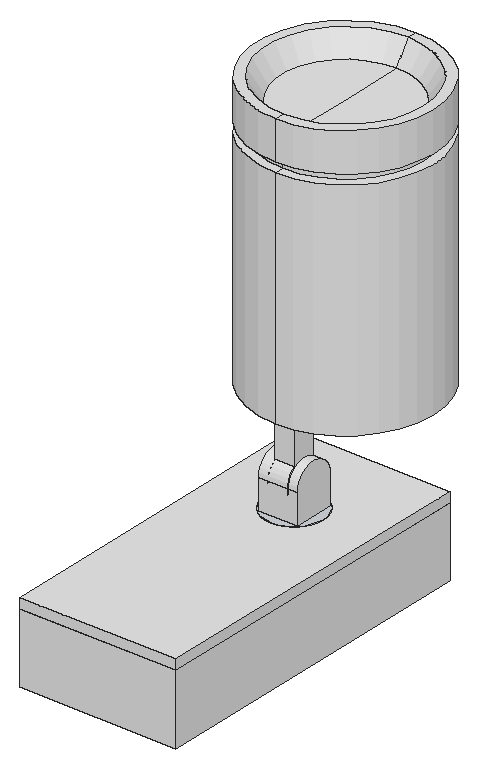
Revit family "63_PHILIPS_StyliD_Evo_CompactPlus_Dali_ST770T_3D", category Lighting Fixtures, host Face, Revit 2016
Family settings
  Host = Face
  Part Type = Normal
  Round Connector Dimension = Use Diameter
  Cut with Voids When Loaded = No
  Light Source = No
  Shared = No
  Room Calculation Point = No
Parameters (values of type "Type catalog")
  Voltage (V) = ""
  Visibility 2D symbol [instance] = not(Visibility 2D outline)  # yes
  Visibility 2D outline [instance] = no
  Visibility 2D driver [instance] = no
  Rotation XZ = 0.00°
  Rotation XY = 90.00°
  Product catalog - URL = "PRODUCT URL"
  Order code = "ORDER CODE"
  Offset = 1 mm
  Length = 146 mm
  Last IES update = "DATE"
  Height = 275 mm
  Fixture code = "FIXTURE CODE"
  ETIM code URL = "https://prod.etim-international.com/Class/Details?classId=EC001744&classVersion=7"
  ETIM code = "EC001744"
  EOC = "EOC CODE"
  Diameter = 90 mm
  Content version = "1.0"
  Content modified date = "DATE"
  Content creation date = "28-03-2019"
  Constraint XZ = if(Rotation XZ < 0.00°, 0.00°, if(Rotation XZ > 355.00°, 355.00°, Rotation XZ))  # 0.00°
  Constraint XY = if(Rotation XY < 15.00°, 15.00°, if(Rotation XY > 140.00°, 140.00°, Rotation XY))  # 90.00°
  Connector width = 80 mm
  Wattage Comments = ""
  URL = "http://www.lighting.philips.com/home"
  Type Comments = "Track Mount"
  Model = "ST770T"
  Manufacturer = "Philips"
  Light loss factor = ""
  Lamp = ""
  Initial luminous flux (lm) = ""
  Init. Corr. Color Temperature (K) = ""
  Description = "StyliD Evo"
  Default Elevation = 0 mm
  Content Creator = "https://www.cadac.com/bimcontent"
  Connector height = 54 mm
  Conector length = 190 mm
  BIM Library - URL = "http://www.lighting.philips.com/main/support/support/revit-library#page=1"
  Assembly Code = ""
  Armatuurcode [instance] = ""
  Apparent Load = 0 VA
  12NC = "12NC CODE"
Reference planes
  plane 1 "Center (Front/Back)": y = 0
  plane 2: z = 0
  plane 3 "Center (Left/Right)": x = 0
  plane 4 "Cadac Group AEC": y = 15
  plane 5: z = 191
  plane 6: z = -53
  plane 7: z = 1
  plane 8: x = -40
  plane 9: y = -175
  plane 10: y = -49.5
  plane 11: x = 40
  plane 12: z = 125.635
  plane 13: z = 42
Lines and regions (mm)
  reference lines
    curve 1: line (0, -49.5, 42) -> (0, -230.226, 42)
Dimensions and locks
  "Connector height": plane 6 to plane 7
  equal spacing: plane 8, plane 3 "Center (Left/Right)", plane 11
  "Connector width": plane 8 to plane 11
  "Offset": plane 2 to plane 7
  "Conector length": plane 7 to plane 5
  plane 9 to plane 1 "Center (Front/Back)" = 175 mm
  locked: plane 10 to curve 1 at 0
  locked: plane 3 "Center (Left/Right)" to curve 1
  "Constraint XZ": angle curve 1 to plane 3 "Center (Left/Right)"
  aligned and locked: plane 2 to host face
  aligned and locked: level to host face
Automatic sketch dimensions
  host sketch curve to host sketch curve = 727.065 mm
  host sketch curve to host sketch curve = 619.519 mm
Nested families
  nested 1: "63_PHILIPS_Trackmount_Evo Performance Dali ST780T 3D" at (0, -80, 1), type "geometry"
  nested 2: "63_PHILIPS_Spot_StyliD" at (0, -49.5, 42) x (0, -1, 0) z (0, 0, -1), rotation angle ZX <- "Constraint XY", type "Spot"
    with rotation angle ZX 90.00°, height spot 140 mm
  nested 3: "2D-PL-Rechthoekig" at (0, -80, 0) x (0, 1, 0) z (0, 0, 1), Width <- "Connector width", lengte <- "Conector length", visible <- "Visibility 2D outline", type "2D symbool"
    with lengte 190 mm, Width 80 mm
  nested 4: "2D-PL-Rond + symbool + peil" at (0, -16.5, 0) x (-1, 0, 0) z (0, 0, 1), Diameters <- "Diameter", Rotation XY <- "Constraint XZ", visible <- "Visibility 2D symbol", type "2D symbool"
    with radius 45 mm, Rotation XY 0.00°, Diameters 90 mm
  nested 5: "2D-PL-peil" at (0, -16.5, 0) x (0, 1, 0) z (0, 0, 1), type "2D symbool"
  nested 6: "2D-PL-Driver" at (0, -13, 0), visible <- "Visibility 2D driver", type "2D symbool"
Connectors
  electrical at (0, -87.5, 1), driven by "Apparent Load"
    settings: on nested 1, index 1, voltage 0 V, apparent load 0 VA, apparent load phase1 0 VA, apparent load phase2 0 VA, apparent load phase3 0 VA, power factor 1, load classification "Other", number of poles 1, system type 31, power factor state 1, is connector primary yes, connector utility no, sub classification motor no, connector description ""
Definition of nested family "63_PHILIPS_Trackmount_Evo Performance Dali ST780T 3D"
  Parameters (values of type "geometry")
    width = 80 mm
    light source = 2 mm
    length = 190 mm
    height = 36 mm
    algemeen_leverancier = ""
    algemeen_code = ""
    algemeen_URL = ""
    Type Comments = ""
    Model = ""
    Manufacturer = "Philips"
    Diameter pole = 30 mm
    Lamp = ""
    Description = ""
  Reference planes
    plane 1 "Center (Front/Back)": y = 0
    plane 2: z = 41
    plane 3 "Center (Left/Right)": x = 0
    plane 4 "Blend 4": z = 0
    plane 5: x = -40
    plane 6: x = 40
    plane 7: y = 95
    plane 8: y = -95
    plane 9: z = 36
    plane 10: z = 10
    plane 11: x = -32.5
    plane 12: x = 32.5
  Forms (mm)
    Extrusion 1, solid
      sketch origin (0, 0, -197) x (0, 1, 0) y (-1, 0, 0)
        loop
          line (-95, 40) -> (-95, -40) -> (80, -40) -> (80, 40) -> (-95, 40)
      from 238 to 233
    Extrusion 2, solid
      sketch origin (0, 0, 36) x (0, 1, 0) y (-1, 0, 0)
        loop
          line (80, 40) -> (-95, 40) -> (-95, -40) -> (80, -40) -> (80, 40)
      from 0 to -36
    Extrusion 3, void
      sketch origin (0, 0, 0) x (1, 0, 0) y (0, 1, 0)
        loop
          circle (0, 30.5) r 15
      from 36 to 41
    Extrusion 4, solid
      sketch origin (0, 0, 0) x (1, 0, 0) y (0, 1, 0)
        loop
          line (-12.5, 85) -> (-12.5, 10)
          arc (-12.5, 10) -> (0, 0) -> (12.5, 10) r 12.813
          line (12.5, 10) -> (12.5, 85)
          arc (12.5, 85) -> (0, 95) -> (-12.5, 85) r 12.813
      from 0 to -30
    Extrusion 5, void
      sketch origin (0, 0, 0) x (0, 1, 0) y (0, 0, 1)
        loop
          line (0, -10) -> (0, -30) -> (95, -30) -> (95, -10) -> (0, -10)
      from 12.5 to 5
    Extrusion 6, void
      sketch origin (0, 0, -1.656) x (0, 1, 0) y (0, 0, -1)
        loop
          line (0, 8.344) -> (95, 8.344) -> (95, 28.344) -> (0, 28.344) -> (0, 8.344)
      from 12.5 to 5
  Cuts and joins
    Extrusion 3 cuts Extrusion 1
    Extrusion 3, Extrusion 5, Extrusion 6 cuts Extrusion 2
    Extrusion 5, Extrusion 6 cuts Extrusion 4
  Dimensions and locks
    "height": plane 9 to level
    equal spacing: plane 7, plane 1 "Center (Front/Back)", plane 8
    "length": plane 7 to plane 8
    equal spacing: plane 5, plane 3 "Center (Left/Right)", plane 6
    "width": plane 5 to plane 6
    locked: plane 2 to plane 9 at 5
    locked: plane 5 to plane 11 at 7.5
    locked: plane 12 to plane 6 at 7.5
    aligned and locked: plane 8 to Extrusion 1 sketch curve
    aligned and locked: plane 5 to Extrusion 1 sketch curve
    aligned and locked: Extrusion 1 sketch curve to plane 6
    aligned and locked: plane 9 to Extrusion 2
    aligned and locked: plane 9 to Extrusion 3
    aligned and locked: Extrusion 3 to plane 2
    aligned and locked: Extrusion 2 to level
    aligned and locked: plane 9 to cut or joined group of Extrusion 1, Extrusion 3
    aligned and locked: cut or joined group of Extrusion 1, Extrusion 3 to plane 2
  Automatic sketch dimensions
    plane 7 to Extrusion 1 sketch curve = 15 mm
    Extrusion 2 sketch curve to Extrusion 1 = 0 mm  (x4)
    Extrusion 3 sketch curve to plane 3 "Center (Left/Right)" = 0 mm
    Extrusion 3 sketch curve to plane 1 "Center (Front/Back)" = 30.5 mm
    Extrusion 4 sketch curve to plane 3 "Center (Left/Right)" = 0 mm  (x2)
    Extrusion 4 sketch curve to plane 3 "Center (Left/Right)" = 12.5 mm
    plane 7 to Extrusion 4 sketch curve = 10 mm
    plane 3 "Center (Left/Right)" to Extrusion 4 sketch curve = 12.5 mm
    plane 7 to Extrusion 4 sketch curve = 12.812 mm
    Extrusion 4 sketch curve to plane 1 "Center (Front/Back)" = 12.813 mm
    Extrusion 4 sketch curve to plane 1 "Center (Front/Back)" = 10 mm
    Extrusion 5 sketch curve to plane 1 "Center (Front/Back)" = 0 mm
    Extrusion 5 sketch curve to plane 7 = 0 mm
    Extrusion 5 sketch curve to level = 10 mm
    Extrusion 5 sketch curve to level = 30 mm
    Extrusion 6 sketch curve to plane 1 "Center (Front/Back)" = 0 mm
    Extrusion 6 sketch curve to plane 7 = 0 mm
    Extrusion 6 sketch curve to level = 10 mm
    Extrusion 6 sketch curve to level = 30 mm
    radius of Extrusion 3 sketch curve = 15 mm
Definition of nested family "63_PHILIPS_Spot_StyliD"
  Parameters (values of type "Spot")
    spot offset = 30 mm
    rotation angle ZX [instance] = 90.00°
    height spot top = 55 mm
    height spot middle = 10 mm
    height spot = 125 mm
    Radius = 45 mm
    ceiling thickness = 12.5 mm
    Wattage Comments = ""
    URL = "http://www.ecat.lighting.philips.com/l"
    Type Comments = "surface mounted"
    Model = "XXX RS530B"
    Manufacturer = "Philips"
    Description = "XXX LuxSpace"
    Default Elevation = 2800 mm
    Assembly Code = ""
  Reference planes
    plane 1 "Center (Front/Back)": y = 0
    plane 2: z = 0
    plane 3 "Center (Left/Right)": x = 0
    plane 4 "Cadac Group AEC": y = 0
    plane 5: z = 12.5
    plane 6: z = 12.5
    plane 7: z = -14
    plane 8: z = -50
  Forms (mm)
    Extrusion 1, solid
      sketch origin (0, 0, 0) x (1, 0, 0) y (0, 1, 0)
        loop
          line (-350, 290) -> (-350, -329.519) -> (377.065, -329.519) -> (377.065, 290) -> (-350, 290)
      from 0 to 12.5 <- "ceiling thickness"
    Revolve 2, solid
      sketch origin (0, 0, -14) x (0, 0, -1) y (1, 0, 0)
        loop
          line (30, -33) -> (143.915, -33) -> (143.915, 0) -> (155, 7) -> (155, 12) -> (135, 12) -> (135, 7) -> (130, 7) -> (130, 12) -> (30, 12) -> (30, -33)
        axis (30, -33) -> (155, -33)
      angle from 0 to 360
    Extrusion 3, solid
      sketch origin (0, 0, -55) x (0, 0, -1) y (1, 0, 0)
        loop
          line (-11, -6) -> (-11, 6) -> (-31.642, 6)
          arc (-31.642, 6) -> (-50.288, 0) -> (-31.642, -6) r 10.288
          line (-31.642, -6) -> (-11, -6)
      from -5 to 5
    Extrusion 4, solid
      sketch origin (0, 0, -11) x (-1, 0, 0) y (0, 0, -1)
        loop
          line (-10.381, -11) -> (10.381, -11) -> (10.381, 4)
          arc (10.381, 4) -> (0, 14.381) -> (-10.381, 4) r 10.381
          line (-10.381, 4) -> (-10.381, -11)
      from 10 to -10
    Extrusion 5, solid
      sketch origin (0, 0, 0) x (1, 0, 0) y (0, 1, 0)
        loop
          circle (0, 0) r 15
      from 0 to 5
  Lines and regions (mm)
    reference lines
      curve 1: line (0, 0, -14) -> (0, 0, -144)
      curve 2: line (0, 0, -14) -> (-108, 0, -14)
      curve 3: line (12, 0, -169) -> (-108, 0, -169)
      curve 4: line (-108, 0, -169) -> (-108, 0, -14)
      curve 5: line (12, 0, -44) -> (-108, 0, -44)
      curve 6: line (12, 0, -14) -> (12, 0, -169)
      curve 7: line (-48, 0, -169) -> (-48, 0, -14)
  Dimensions and locks
    "spot offset": curve 2 to curve 5
    curve 1 to curve 6 = 12 mm
    plane 8 to Extrusion 1 = 50 mm
    curve 3 to Revolve 2 sketch curve = 11.085 mm
    Revolve 2 sketch curve to curve 6 = 5 mm
    Revolve 2 sketch curve to Revolve 2 sketch curve = 20 mm
    Revolve 2 sketch curve to Revolve 2 sketch curve = 12 mm
    Revolve 2 sketch curve to Revolve 2 sketch curve = 5 mm
    "height spot": Revolve 2 sketch curve to Revolve 2 sketch curve
    "height spot": curve 3 to curve 5
    "Radius": Revolve 2 sketch curve to Revolve 2 sketch curve
    "rotation angle ZX": angle curve 1 to plane 7
    aligned and locked: plane 2 to Extrusion 1
    aligned and locked: level to Extrusion 1
    aligned and locked: plane 4 "Cadac Group AEC" to plane 1 "Center (Front/Back)"
    aligned and locked: plane 3 "Center (Left/Right)" to curve 1
    aligned and locked: Revolve 2 sketch curve to Revolve 2 sketch curve
    aligned and locked: Revolve 2 sketch curve to curve 3
    aligned and locked: Revolve 2 sketch curve to curve 6  (x2)
  Automatic sketch dimensions
    Extrusion 1 sketch curve to Extrusion 1 sketch curve = 727.065 mm
    Extrusion 1 sketch curve to Extrusion 1 sketch curve = 619.519 mm
    Extrusion 4 sketch curve to level = 0 mm
    plane 7 to Extrusion 4 sketch curve = 1 mm
    Extrusion 4 sketch curve to plane 3 "Center (Left/Right)" = 0 mm
    plane 3 "Center (Left/Right)" to Extrusion 4 sketch curve = 10.381 mm
    plane 1 "Center (Front/Back)" to Extrusion 5 sketch curve = 0 mm
    Extrusion 5 sketch curve to plane 3 "Center (Left/Right)" = 0 mm
    curve 1 to Extrusion 3 sketch curve = 0 mm
    curve 1 to Extrusion 3 sketch curve = 9.358 mm  (x2)
    curve 1 to Extrusion 3 sketch curve = 6 mm
    curve 1 to Extrusion 3 sketch curve = 1 mm
    Extrusion 3 sketch curve to Extrusion 3 sketch curve = 20.642 mm
    curve 1 to plane 7 = 0 mm
    curve 2 to curve 1 = 0 mm  (x2)
    curve 6 to curve 1 = 0 mm
    curve 2 to curve 1 = 108 mm
    curve 7 to curve 1 = 48 mm
    Revolve 2 sketch curve to curve 1 = 0 mm
    Revolve 2 sketch curve to Revolve 2 sketch curve = 5 mm
    Revolve 2 sketch curve to Revolve 2 sketch curve = 12.347 mm
    radius of Extrusion 5 sketch curve = 15 mm
  Connectors
    electrical at (0, 0, 0)
      settings: index 1, voltage 230 V, apparent load 0 VA, apparent load phase1 18 VA, apparent load phase2 0 VA, apparent load phase3 0 VA, power factor 1, load classification none, number of poles 1, system type 31, power factor state 1, is connector primary yes, connector utility no, sub classification motor no, connector description ""
Definition of nested family "2D-PL-Rechthoekig"
  Parameters (values of type "2D symbool")
    lengte [instance] = 1200 mm
    Width [instance] = 100 mm
    Type Comments = "GEEN CALCULATIEOBJECT"
    Manufacturer = ""
    Description = "Armatuur 2D symbool"
    Copyright © Cadac = "www.cadac.com/aec"
    Cadac content versie = ""
    Assembly Code = ""
  Reference planes
    plane 1 "Center (Front/Back)": y = 0
    plane 2: z = 0
    plane 3 "Center (Left/Right)": x = 0
    plane 4: y = 150
    plane 5: y = -150
    plane 6: y = 176.777
    plane 7: x = -176.777
    plane 8: x = 176.777
    plane 9: y = -176.777
    plane 10 "Cadac Group AEC": y = 0
    plane 11: y = 400
    plane 12: y = -191.421
    plane 13: y = -206.066
    plane 14: y = -220.711
    plane 15: y = -235.355
  Lines and regions (mm)
    symbolic lines
      curve 1: line (600, 50, 0) -> (600, -50, 0)
      curve 2: line (-600, 50, 0) -> (-600, -50, 0)
      curve 3: line (-600, 50, 0) -> (600, 50, 0)
      curve 4: line (-600, -50, 0) -> (600, -50, 0)
  Dimensions and locks
    equal spacing: curve 2, plane 3 "Center (Left/Right)", curve 1
    "lengte": curve 2 to curve 1
    equal spacing: plane 5, plane 1 "Center (Front/Back)", plane 4
    locked: plane 4 to plane 5 at 300
    equal spacing: curve 4, plane 1 "Center (Front/Back)", curve 3
    "Width": curve 4 to curve 3
    locked: plane 7 to plane 8 at 353.553
    locked: plane 6 to plane 9 at 353.553
    equal spacing: plane 7, plane 3 "Center (Left/Right)", plane 8
    equal spacing: plane 6, plane 1 "Center (Front/Back)", plane 9
    locked: plane 1 "Center (Front/Back)" to plane 11 at 400
    equal spacing: plane 9, plane 12, plane 13, plane 14, plane 15
    locked: plane 9 to plane 15 at 58.579
    aligned and locked: plane 10 "Cadac Group AEC" to plane 1 "Center (Front/Back)"
Definition of nested family "2D-PL-Rond + symbool + peil"
  Parameters (values of type "2D symbool")
    radius [instance] = Diameters / 2  # 125 mm
    Visibility 2D symbol = yes
    Rotation XY [instance] = 70.00°
    Diameters [instance] = 250 mm
    Description = "Armatuur symbool"
    Copyright © Cadac = "www.cadac.com/aec"
    Cadac content versie = ""
    Assembly Code = ""
  Reference planes
    plane 1 "Center (Front/Back)": y = 0
    plane 2: z = 0
    plane 3 "Center (Left/Right)": x = 0
  Lines and regions (mm)
    symbolic lines
      curve 1: circle (0, 0, 0) r 125 normal (0, 0, 1)
    reference lines
      curve 2: line (0, 0, 0) -> (314.797, 114.577, 0)
  Dimensions and locks
    locked: plane 3 "Center (Left/Right)" to nested 2 at 0
    "Diameters": diameter of curve 1
    "Rotation XY": angle curve 2 to plane 3 "Center (Left/Right)"
    aligned and locked: plane 3 "Center (Left/Right)" to curve 2
    aligned and locked: plane 1 "Center (Front/Back)" to curve 2
    aligned and locked: nested 2 to curve 2
  Automatic sketch dimensions
    plane 1 "Center (Front/Back)" to curve 1 = 0 mm
    curve 1 to plane 3 "Center (Left/Right)" = 0 mm
  Nested families
    nested 1: "PL-opbouwarmatuur plafond rond" at (0, 0, 0), radius cirkel <- "radius", visible <- "Visibility 2D symbol", type "PL lichtpunt"
      with radius cirkel 125 mm, lengte symbool 162.5 mm, l1 140 mm, breedte symbool 150 mm, b1 52.5 mm, Diameters 250 mm
    nested 2: "2D-PL-peil" at (0, 0, 0) x (-0.9397, -0.342, 0) z (0, 0, 1), visible <- "Visibility 2D symbol", type "2D symbool"
  Definition of nested family "PL-opbouwarmatuur plafond rond"
    Parameters (values of type "PL lichtpunt")
      radius cirkel [instance] = 200 mm
      lengte symbool [instance] = 162.5 mm
      l1 [instance] = 140 mm
      breedte symbool [instance] = radius cirkel + 25 mm  # 225 mm
      b1 [instance] = 52.5 mm
      Diameters = 74 mm
      Description = "PL lichtpunt"
      Copyright © Cadac = "www.cadac.com/aec"
      Cadac content versie = "4.0"  # constant formula
      Assembly Code = ""
    Reference planes
      plane 1 "Center (Front/Back)": y = 0
      plane 2: z = 0
      plane 3 "Center (Left/Right)": x = 0
      plane 4: y = 112.5
      plane 5: y = -112.5
    Lines and regions (mm)
      symbolic lines
        curve 1: circle (0, 0, 0) r 200 normal (0, 0, 1)
        curve 2: line (-165.359, 112.5, 0) -> (165.359, -112.5, 0)
        curve 3: line (-165.359, -112.5, 0) -> (165.359, 112.5, 0)
    Dimensions and locks
      equal spacing: plane 4, plane 1 "Center (Front/Back)", plane 5
      "breedte symbool": plane 4 to plane 5
      "radius cirkel": radius of curve 1
      aligned and locked: plane 4 to curve 2
      aligned and locked: plane 4 to curve 3
      aligned and locked: plane 5 to curve 3
      aligned and locked: plane 5 to curve 2
    Automatic sketch dimensions
      plane 1 "Center (Front/Back)" to curve 1 = 0 mm
      curve 1 to plane 3 "Center (Left/Right)" = 0 mm
  Definition of nested family "2D-PL-peil"
    Parameters (values of type "2D symbool")
      lengte = 200 mm
      Type Comments = "GEEN CALCULATIEOBJECT"
      Peil lengte = 100 mm
      Manufacturer = ""
      Description = "Armatuur 2D symbool"
      Default Elevation = 1219.2 mm
      Copyright © Cadac = "www.cadac.com/aec"
      Cadac content versie = ""
      Assembly Code = ""
    Reference planes
      plane 1 "Center (Front/Back)": y = 0
      plane 2: z = 0
      plane 3 "Center (Left/Right)": x = 0
      plane 4: y = 150
      plane 5: y = -150
      plane 6: y = 176.777
      plane 7: x = -176.777
      plane 8: x = 176.777
      plane 9: y = -176.777
      plane 10: y = 400
      plane 11: y = -191.421
      plane 12: y = -206.066
      plane 13: y = -220.711
      plane 14: y = -235.355
    Lines and regions (mm)
      symbolic lines
        curve 1: line (-200, 0, 0) -> (0, 0, 0)
        curve 2: line (-200, 0, 0) -> (-121.849, 62.389, 0)
        curve 3: line (-200, 0, 0) -> (-121.849, -62.389, 0)
      reference lines
        curve 4: line (100, -50, 0) -> (-245, -50, 0)
    Dimensions and locks
      equal spacing: plane 5, plane 1 "Center (Front/Back)", plane 4
      locked: plane 4 to plane 5 at 300
      locked: plane 7 to plane 8 at 353.553
      locked: plane 6 to plane 9 at 353.553
      equal spacing: plane 7, plane 3 "Center (Left/Right)", plane 8
      equal spacing: plane 6, plane 1 "Center (Front/Back)", plane 9
      locked: plane 1 "Center (Front/Back)" to plane 10 at 400
      equal spacing: plane 9, plane 11, plane 12, plane 13, plane 14
      locked: plane 9 to plane 14 at 58.579
      "lengte": curve 1 to curve 1
      "Peil lengte": curve 2 to curve 2
      "Peil lengte": curve 3 to curve 3
    Automatic sketch dimensions
      curve 4 to plane 7 = 68.223 mm
      plane 1 "Center (Front/Back)" to curve 4 = 50 mm
      curve 4 to plane 8 = 76.777 mm
      plane 1 "Center (Front/Back)" to curve 3 = 0 mm
      curve 1 to plane 3 "Center (Left/Right)" = 0 mm
      plane 7 to curve 2 = 54.928 mm
      plane 7 to curve 3 = 54.928 mm
Definition of nested family "2D-PL-peil"
  Parameters (values of type "2D symbool")
    lengte = 200 mm
    Type Comments = "GEEN CALCULATIEOBJECT"
    Peil lengte = 100 mm
    Manufacturer = ""
    Description = "Armatuur 2D symbool"
    Default Elevation = 1219.2 mm
    Copyright © Cadac = "www.cadac.com/aec"
    Cadac content versie = ""
    Assembly Code = ""
  Reference planes
    plane 1 "Center (Front/Back)": y = 0
    plane 2: z = 0
    plane 3 "Center (Left/Right)": x = 0
    plane 4: y = 150
    plane 5: y = -150
    plane 6: y = 176.777
    plane 7: x = -176.777
    plane 8: x = 176.777
    plane 9: y = -176.777
    plane 10: y = 400
    plane 11: y = -191.421
    plane 12: y = -206.066
    plane 13: y = -220.711
    plane 14: y = -235.355
  Lines and regions (mm)
    symbolic lines
      curve 1: line (-200, 0, 0) -> (0, 0, 0)
      curve 2: line (-200, 0, 0) -> (-121.849, 62.389, 0)
      curve 3: line (-200, 0, 0) -> (-121.849, -62.389, 0)
    reference lines
      curve 4: line (100, -50, 0) -> (-245, -50, 0)
  Dimensions and locks
    equal spacing: plane 5, plane 1 "Center (Front/Back)", plane 4
    locked: plane 4 to plane 5 at 300
    locked: plane 7 to plane 8 at 353.553
    locked: plane 6 to plane 9 at 353.553
    equal spacing: plane 7, plane 3 "Center (Left/Right)", plane 8
    equal spacing: plane 6, plane 1 "Center (Front/Back)", plane 9
    locked: plane 1 "Center (Front/Back)" to plane 10 at 400
    equal spacing: plane 9, plane 11, plane 12, plane 13, plane 14
    locked: plane 9 to plane 14 at 58.579
    "lengte": curve 1 to curve 1
    "Peil lengte": curve 2 to curve 2
    "Peil lengte": curve 3 to curve 3
  Automatic sketch dimensions
    curve 4 to plane 7 = 68.223 mm
    plane 1 "Center (Front/Back)" to curve 4 = 50 mm
    curve 4 to plane 8 = 76.777 mm
    plane 1 "Center (Front/Back)" to curve 3 = 0 mm
    curve 1 to plane 3 "Center (Left/Right)" = 0 mm
    plane 7 to curve 2 = 54.928 mm
    plane 7 to curve 3 = 54.928 mm
Definition of nested family "2D-PL-Driver"
  Parameters (values of type "2D symbool")
    Description = "Armatuur symbool"
    Copyright © Cadac = "www.cadac.com/aec"
    Cadac content versie = ""
    Assembly Code = ""
  Reference planes
    plane 1 "Center (Front/Back)": y = 0
    plane 2: z = 0
    plane 3 "Center (Left/Right)": x = 0
  Lines and regions (mm)
    model lines
      curve 1: line (-12.5, -19.5, 0) -> (-12.5, 19.5, 0)
      curve 2: line (12.5, 19.5, 0) -> (12.5, -19.5, 0)
      curve 3: arc (-12.5, 19.5, 0) -> (0, 27.5, 0) -> (12.5, 19.5, 0) r 13.766
      curve 4: arc (-12.5, -19.5, 0) -> (0, -27.5, 0) -> (12.5, -19.5, 0) r 13.766
